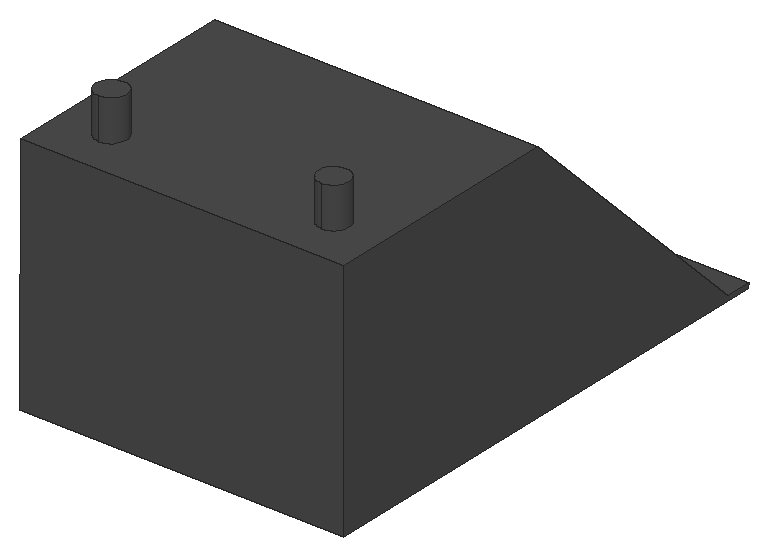
Revit family "BirdControl_Charger_BirdBGone_Solar", category Specialty Equipment, Revit 2019
Family settings
  Round Connector Dimension = Use Diameter
  Part Type = Normal
  OmniClass Number = 23.40.10.14.14.99
  OmniClass Title = Other Manufactured Exterior Specialties
  Work Plane-Based = Yes
  Always vertical = No
  Cut with Voids When Loaded = No
  Shared = No
  Room Calculation Point = No
Parameters (values of type "SCR740")
  offset [instance] = 0' - 0"
  Warranty Duration (Years) = 0
  Unit Width = 0' - 8"
  Unit Height = 1' - 0"
  Unit Depth = 0' - 6"
  URL = "http://www.birdbgone.com/"
  Test Data = "http://www.birdbgone.com/bird-control-product-msds"
  Specification = "http://www.arcat.com/sdspecs/htm/10290bir.htm"
  SpecWizard = ""
  Send Message = "http://www.arcat.com/users.pl?action=UserEmail&company=Bird-B-Gone,%20Inc.&coid=38371&rep=147&fax=949-472-3116&mf="
  Sales Information = "http://www.birdbgone.com/bird-control-store/"
  Revision = "R1_10-2010"
  Product Properties = "http://www.arcat.com/bim/bim_info.pl?fn=BirdBGone"
  Product Data = "http://www.arcat.com/arcatcos/cos38/arc38371.html"
  Model = "As Specified in 10 81 19"
  Material [instance] = Metal - Bird B Gone - Black
  Manufacturer Website = "http://www.birdbgone.com/"
  Manufacturer Phone - Toll Free = "800-392-6915"
  Manufacturer Phone = "949-472-3122"
  Manufacturer Fax = "949-472-3116"
  Manufacturer Address = "23918 Skyline, Mission Viejo, CA 92692"
  Manufacturer = "Bird-B-Gone, Inc."
  Maintenance Schedule (Months) = 0
  Keynote = "10 81 19"
  Installation-Fabrication = "http://www.birdbgone.com/installation-instructions"
  Installation Phase = ""
  Green Building-LEED = "http://www.arcat.com/green/clients/leed_data_38371.html"
  Expected Lifespan (Years) = 0
  Drawn By = "Robert S. Weygant, CSI, CDT, SCIP"
  Description = "Bird Control Equipment as Specified in 10 81 19"
  Default Elevation = 4' - 0"
  Copyright = "wt"
  Construction Details = "http://www.arcat.com/details/birdbgon/birdbgon.html?coid=38371"
  Building Codes = "http://www.birdbgone.com/knowledge-center/"
  Assembly Code = "E1090900"
Reference planes (in)
  plane 1 "Center (Front/Back)": y = 0
  plane 2 "Bottom": z = 0
  plane 3 "Center (Left/Right)": x = 0
  plane 4 "Top": z = 6
  plane 5: x = -4
  plane 6: x = 4
  plane 7: y = 6
  plane 8: y = -6
Forms (in)
  Extrusion 1, solid, material "Metal - Bird B Gone - Black" <- "Material", detail levels medium+fine
    sketch origin (0, 0, 0) x (0, 1, 0) y (0, 0, 1)
      loop
        line (5.875, 0.125) -> (0, 6) -> (-6, 6) -> (-6, 0) -> (6.5, 0) -> (6.5, 0.125) -> (5.875, 0.125)
    from -4 to 4
  Extrusion 2, solid, material "Metal - Bird B Gone - Black" <- "Material", detail levels medium+fine
    sketch origin (-1.25, 1.25, 6) x (0, -1, 0) y (1, 0, 0)
      loop
        circle (6, 4) r 0.375
    from 0 to 1
  Extrusion 3, solid, material "Metal - Bird B Gone - Black" <- "Material", detail levels medium+fine
    sketch origin (1.25, 1.25, 6) x (0, -1, 0) y (1, 0, 0)
      loop
        circle (6, -4) r 0.375
    from 0 to 1
Cuts and joins
  joined: Extrusion 1, Extrusion 2, Extrusion 3
Lines and regions (in)
  model lines, style "Bird Control", detail levels fine
    curve 1: line (3.5, 0.35355, 5.64645) -> (3.5, 5.52145, 0.47855)
    curve 2: line (-3.5, 0.35355, 5.64645) -> (3.5, 0.35355, 5.64645)
    curve 3: line (-3.5, 5.52145, 0.47855) -> (-3.5, 0.35355, 5.64645)
    curve 4: line (3.5, 5.52145, 0.47855) -> (-3.5, 5.52145, 0.47855)
    curve 5: line (1, -0.5, 6) -> (1, -1, 6)
    curve 6: line (-1, -0.5, 6) -> (1, -0.5, 6)
    curve 7: line (-1, -1, 6) -> (-1, -0.5, 6)
    curve 8: line (1, -1, 6) -> (-1, -1, 6)
    curve 9: circle (0, -4.75, 6) r 0.25 normal (0, 0, 1)
Dimensions and locks (in)
  "Unit Depth": plane 4 "Top" to level
  equal spacing: plane 5, plane 3 "Center (Left/Right)", plane 6
  "Unit Width": plane 5 to plane 6
  equal spacing: plane 7, plane 1 "Center (Front/Back)", plane 8
  "Unit Height": plane 7 to plane 8
  aligned and locked: Extrusion 1 to plane 5
  aligned and locked: Extrusion 1 to plane 6
Automatic sketch dimensions
  Extrusion 1 sketch curve to level = 0' - 0"
  Extrusion 1 sketch curve to plane 8 = 0' - 0"
  Extrusion 1 sketch curve to plane 1 "Center (Front/Back)" = 0' - 0"
  Extrusion 1 sketch curve to plane 4 "Top" = 0' - 0"
  Extrusion 1 sketch curve to plane 7 = 0' - 0 1/8"
  level to Extrusion 1 sketch curve = 0' - 0 1/8"
  plane 7 to Extrusion 1 sketch curve = 0' - 0 1/2"
  Extrusion 1 to curve 1 = 0' - 0 1/2"
  Extrusion 1 to curve 3 = 0' - 0 1/2"  (x2)
  Extrusion 1 to curve 2 = 0' - 0 1/2"
  Extrusion 2 sketch curve to Extrusion 1 = 0' - 1 1/4"
  Extrusion 1 to Extrusion 2 sketch curve = 0' - 1 1/4"
  Extrusion 3 sketch curve to Extrusion 1 = 0' - 1 1/4"
  Extrusion 1 to Extrusion 3 sketch curve = 0' - 1 1/4"
  curve 7 to Extrusion 1 = 0' - 0 1/2"
  curve 6 to curve 7 = 0' - 0 1/2"
  curve 9 to Extrusion 1 = 0' - 1 1/4"
  Extrusion 1 to curve 8 = 0' - 3"
  curve 7 to curve 9 = 0' - 1"
  curve 7 to curve 8 = 0' - 2"
  radius of Extrusion 2 sketch curve = 0' - 0 3/8"
  radius of Extrusion 3 sketch curve = 0' - 0 3/8"
  radius of curve 9 = 0' - 0 1/4"
